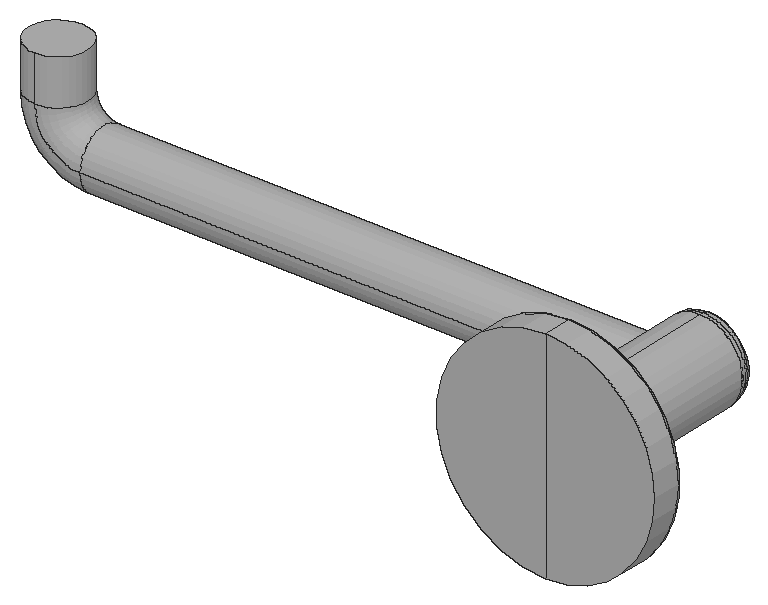
Revit family "TH6016661_Kit por 6 Accesorios Thames(Portarrollos)", category Plumbing Fixtures, Revit 2019
Family settings
  Round Connector Dimension = Use Diameter
  Part Type = Normal
  OmniClass Number = 23.19.25.13.21.17
  OmniClass Title = Fittings
  Work Plane-Based = No
  Always vertical = Yes
  Cut with Voids When Loaded = No
  Shared = No
  Room Calculation Point = No
Parameters
  Uso = "Residencial"  # constant formula
  URL = "https://corona.co/productos/accesorios/kit-por-6-accesorios-thames/p/TH6016661"
  Resistencia = "Resistente a la corrosión pelado y decoloración por agua, Resistencia al peso general hasta 9 kg, Resistencia al peso del toallero barra hasta 23 kg"  # constant formula
  Número de piezas = "6"  # constant formula
  Materiales = "Cromado"  # constant formula
  Material = Corona_Cromo
  Línea = "Torino"  # constant formula
  Garantías de otros componentes = "2 años en acabados"  # constant formula
  Garantía = "30 años en estructura"  # constant formula
  Fecha de creación = "14/08/2020"  # constant formula
  Description = "Nuestro kit de accesorios que reflejan las últimas tendencias de diseño, convirtiéndose así en el mejor complemento para tu baño. ¡Pídelo ahora!"  # constant formula
  Creado por = "IDD"  # constant formula
  Componentes = "Percha, Toallero, Jabonera, Barra, Cepillera, Portarrollo"  # constant formula
  Colección = "Gama Media 2010"  # constant formula
  Acabado = "Cromado"  # constant formula
Reference planes
  plane 1 "Center (Front/Back)": y = 0
  plane 2: z = 0
  plane 3 "Center (Left/Right)": x = 0
Forms (mm)
  Extrusion 1, solid, material "Corona_Cromo" <- "Material", detail levels coarse
    sketch origin (0, 0, 0) x (1, 0, 0) y (0, 1, 0)
      loop
        line (-140.848, 0) -> (25.544, 0) -> (25.544, 45) -> (-140.848, 45) -> (-140.848, 0)
    from -24.795 to 23.438
  Revolve 2, solid, material "Corona_Cromo" <- "Material", detail levels medium+fine
    sketch origin (0.575, 221.637, -0.668) x (0, 1, 0) y (0, 0, 1)
      loop
        line (-221.637, 0) -> (-176.804, 0) -> (-176.804, 8.162)
        arc (-176.804, 8.162) -> (-176.96, 8.656) -> (-177.371, 8.971) r 0.862
        line (-177.371, 8.971) -> (-178.313, 9.155)
        arc (-178.313, 9.155) -> (-178.825, 9.229) -> (-179.341, 9.254) r 5.388
        line (-179.341, 9.254) -> (-214.528, 9.254) -> (-214.528, 23.263)
        arc (-214.528, 23.263) -> (-214.742, 23.78) -> (-215.259, 23.994) r 0.731
        line (-215.259, 23.994) -> (-221.637, 23.994) -> (-221.637, 0)
      axis (-221.637, 0) -> (-176.804, 0)
    angle from 0 to 360
  Sweep 3, solid, material "Corona_Cromo" <- "Material", detail levels medium+fine
    path origin (345.685, 34.823, -40.968) x (1, 0, 0) y (0, 0, 1)
      loop
        line (-344.876, 39.73) -> (-469.876, 39.73)
        arc (-469.876, 39.73) -> (-476.947, 42.659) -> (-479.876, 49.73) r 10
        line (-479.876, 49.73) -> (-479.876, 59.73)
    profile origin (-61.69, 34.823, -1.238) x (0, 0, -1) y (0, -1, 0)
      loop
        circle (0, 0) r 6.5
Dimensions and locks
  aligned and locked: level to plane 2
